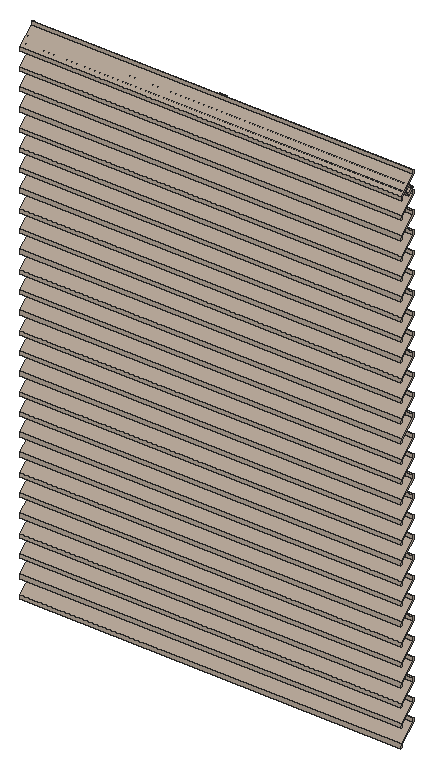
Revit family "Palmshield-Aria-Louver-Panel", category Specialty Equipment, Revit 2025
Family settings
  Round Connector Dimension = Use Diameter
  Part Type = Normal
  OmniClass Number = 23.55.00.00
  OmniClass Title = Manufactured Structures
  Work Plane-Based = No
  Enable Cutting in Views = No
  Always vertical = No
  Cut with Voids When Loaded = No
  Maintain Annotation Orientation = No
  Shared = No
  Room Calculation Point = No
Parameters (values of type "Assembly")
  Width [instance] = if(Desired Overall Width < C Min Width, C Min Width, if(Desired Overall Width > C Max Width, C Max Width, Desired Overall Width))  # 4' - 0"
  Warranty URL = "https://palmshieldlouvers.com/wp-content/uploads/2020/01/PalmSHIELD-Warranty-NO-SIGN-LINE.pdf"
  Version = "2021 - v1.0a"  # constant formula
  URL = "https://palmshieldlouvers.com/"
  Product Page URL = "https://palmshieldlouvers.com/products/aria-louver/"
  Product Documentation Link = "https://palmshieldlouvers.com/wp-content/uploads/2022/05/PalmSHIELD-Aria-Series-Post-Panel-Gate-Installation-Instructions.pdf"
  Offset From Surface = 0' - 2"  # constant formula
  Model = "Aria"  # constant formula
  Material = Metal - PalmSHIELD - Grey Beige
  Manufacturer Phone Number = "531-329-4406 "  # constant formula
  Manufacturer Email = "mailto: info@palmshieldlouvers.com"
  Manufacturer Address = "12330 Cary Circle, La Vista, NE 68128"  # constant formula
  Manufacturer = "PalmSHIELD"  # constant formula
  Louver Finish = Metal - PalmSHIELD - Grey Beige
  Keynote = "05 10 00"
  Instruction Sheet Link = "https://palmshieldlouvers.com/wp-content/uploads/2022/05/PalmSHIELD-Aria-Series-Post-Panel-Gate-Installation-Instructions.pdf"
  ID [instance] = "Not Assigned"
  Height [instance] = if(Desired Overall Height < C Min Height, C Min Height, if(Desired Overall Height > C Max Height, C Max Height, Desired Overall Height))  # 6' - 0"
  Desired Overall Width [instance] = 4' - 0"
  Desired Overall Height [instance] = 6' - 0"
  Desired Bottom Angle [instance] = 0.00°
  Description = "Aria - Panel Assembly"  # constant formula
  Default Elevation = 0' - 0"
  Copyright = "Copyright ©2024 The American Fence Company and PalmSHIELD. All Rights Reserved."  # constant formula
  Component Vis [instance] = yes
  Component Name [instance] = "Aria"  # constant formula
  C Min Width [instance] = 4' - 0"  # constant formula
  C Min Height [instance] = C Min Width  # 4' - 0"
  C Max Width [instance] = 6' - 0"  # constant formula
  C Max Height [instance] = 8' - 0"  # constant formula
  C Angle [instance] = if(Desired Bottom Angle > 10.00°, 10.00°, if(Desired Bottom Angle < -10.00°, -10.00°, Desired Bottom Angle))  # 0.00°
  Assembly Code = "F1020100"
Reference planes (in)
  plane 1 "Center (Front/Back)": y = 0
  plane 2: z = 0
  plane 3 "Center (Left/Right)": x = 0
  plane 4: z = 72
  plane 5: x = 48
  plane 6: y = 3
  plane 7: y = 1.5
Lines and regions (in)
  reference lines
    curve 1: line (48, 0, 96.95698) -> (48, 0, -11)
    curve 2: line (-20.8931, 0, 72) -> (71.1069, 0, 72)
Dimensions and locks (in)
  "Desired Overall Height": curve 2 to level
  "Desired Overall Width": curve 1 to plane 3 "Center (Left/Right)"
  "Height": plane 4 to level
  "Width": plane 5 to plane 3 "Center (Left/Right)"
  equal spacing: plane 1 "Center (Front/Back)", plane 7, plane 6
  aligned and locked: plane 2 to level
Automatic sketch dimensions
  curve 2 to plane 3 "Center (Left/Right)" = 1' - 8.8931"
  plane 5 to curve 2 = 1' - 11.1069"
  curve 1 to level = 0' - 11"
  plane 4 to curve 1 = 2' - 0.95698"
Nested families (in)
  nested 1: "Screening-Louver-Assembly-Panel-Palmshield-Aria" at (0, -1.125, 0), Desired Overall Height <- "Desired Overall Height", Desired Overall Width <- "Desired Overall Width", ID <- "ID", Height <- "Height", Width <- "Width", Component Vis <- "Component Vis", type "Assembly"
    with Width 4' - 0", Louver Length 4' - 3 3/4", ID "Not Assigned", Height 6' - 0", Desired Overall Width 4' - 0", Desired Overall Height 6' - 0", Component Vis yes, Component Name "Aria - Panel Assembly", C Top Post Length 4' - 0", C Straight Corner Angle 45.00°, C Slope Angle 0.00°, C Side Frame Width 0' - 0 7/8", C Side Adjustment 0' - 0", C Rib Thickness Bottom Offset 0' - 0", C Rib Bottom Side Offset 0' - 0", C Louver Offset 0' - 0 1/8", C Louver Count 27, C Hip 4' - 0", C Frame Offset 0' - 0 3/8", C Desired Bottom Angle 0.00°, C B-Side Post Length 6' - 0", C B-Side Angle 45.00°, C Angle 90.00°, C A-Side Post Length 6' - 0", C A-Side Angle 45.00°
  nested 2: "Nested-Louvers-Palmshield-Aria" at (-1.875, -1.04952, 39.10502) x (0, 1, 0) z (1, 0, 0), type "EXTRUDED ALUMINUM LOUVERS TYP."
    with Material Metal - PalmSHIELD - Grey Beige, Length 4' - 3 3/4", ID "Not Assigned", Component Name "Aria - Aluminum - Louvers"
  nested 3: "Nested-Louvers-Palmshield-Aria" at (-1.875, -1.04952, 41.57452) x (0, 1, 0) z (1, 0, 0), type "EXTRUDED ALUMINUM LOUVERS TYP."
    with Material Metal - PalmSHIELD - Grey Beige, Length 4' - 3 3/4", ID "Not Assigned", Component Name "Aria - Aluminum - Louvers"
  nested 4: "Nested-Louvers-Palmshield-Aria" at (-1.875, -1.04952, 44.04402) x (0, 1, 0) z (1, 0, 0), type "EXTRUDED ALUMINUM LOUVERS TYP."
    with Material Metal - PalmSHIELD - Grey Beige, Length 4' - 3 3/4", ID "Not Assigned", Component Name "Aria - Aluminum - Louvers"
  nested 5: "Nested-Louvers-Palmshield-Aria" at (-1.875, -1.04952, 46.51352) x (0, 1, 0) z (1, 0, 0), type "EXTRUDED ALUMINUM LOUVERS TYP."
    with Material Metal - PalmSHIELD - Grey Beige, Length 4' - 3 3/4", ID "Not Assigned", Component Name "Aria - Aluminum - Louvers"
  nested 6: "Nested-Louvers-Palmshield-Aria" at (-1.875, -1.04952, 48.98302) x (0, 1, 0) z (1, 0, 0), type "EXTRUDED ALUMINUM LOUVERS TYP."
    with Material Metal - PalmSHIELD - Grey Beige, Length 4' - 3 3/4", ID "Not Assigned", Component Name "Aria - Aluminum - Louvers"
  nested 7: "Nested-Louvers-Palmshield-Aria" at (-1.875, -1.04952, 51.45252) x (0, 1, 0) z (1, 0, 0), type "EXTRUDED ALUMINUM LOUVERS TYP."
    with Material Metal - PalmSHIELD - Grey Beige, Length 4' - 3 3/4", ID "Not Assigned", Component Name "Aria - Aluminum - Louvers"
  nested 8: "Nested-Louvers-Palmshield-Aria" at (-1.875, -1.04952, 53.92203) x (0, 1, 0) z (1, 0, 0), type "EXTRUDED ALUMINUM LOUVERS TYP."
    with Material Metal - PalmSHIELD - Grey Beige, Length 4' - 3 3/4", ID "Not Assigned", Component Name "Aria - Aluminum - Louvers"
  nested 9: "Nested-Louvers-Palmshield-Aria" at (-1.875, -1.04952, 56.39153) x (0, 1, 0) z (1, 0, 0), type "EXTRUDED ALUMINUM LOUVERS TYP."
    with Material Metal - PalmSHIELD - Grey Beige, Length 4' - 3 3/4", ID "Not Assigned", Component Name "Aria - Aluminum - Louvers"
  nested 10: "Nested-Louvers-Palmshield-Aria" at (-1.875, -1.04952, 58.86103) x (0, 1, 0) z (1, 0, 0), type "EXTRUDED ALUMINUM LOUVERS TYP."
    with Material Metal - PalmSHIELD - Grey Beige, Length 4' - 3 3/4", ID "Not Assigned", Component Name "Aria - Aluminum - Louvers"
  nested 11: "Nested-Louvers-Palmshield-Aria" at (-1.875, -1.04952, 61.33053) x (0, 1, 0) z (1, 0, 0), type "EXTRUDED ALUMINUM LOUVERS TYP."
    with Material Metal - PalmSHIELD - Grey Beige, Length 4' - 3 3/4", ID "Not Assigned", Component Name "Aria - Aluminum - Louvers"
  nested 12: "Nested-Louvers-Palmshield-Aria" at (-1.875, -1.04952, 63.80003) x (0, 1, 0) z (1, 0, 0), type "EXTRUDED ALUMINUM LOUVERS TYP."
    with Material Metal - PalmSHIELD - Grey Beige, Length 4' - 3 3/4", ID "Not Assigned", Component Name "Aria - Aluminum - Louvers"
  nested 13: "Nested-Louvers-Palmshield-Aria" at (-1.875, -1.04952, 2.0625) x (0, 1, 0) z (1, 0, 0), type "EXTRUDED ALUMINUM LOUVERS TYP."
    with Material Metal - PalmSHIELD - Grey Beige, Length 4' - 3 3/4", ID "Not Assigned", Component Name "Aria - Aluminum - Louvers"
  nested 14: "Nested-Louvers-Palmshield-Aria" at (-1.875, -1.04952, 66.26953) x (0, 1, 0) z (1, 0, 0), type "EXTRUDED ALUMINUM LOUVERS TYP."
    with Material Metal - PalmSHIELD - Grey Beige, Length 4' - 3 3/4", ID "Not Assigned", Component Name "Aria - Aluminum - Louvers"
  nested 15: "Nested-Louvers-Palmshield-Aria" at (-1.875, -1.04952, 4.532) x (0, 1, 0) z (1, 0, 0), type "EXTRUDED ALUMINUM LOUVERS TYP."
    with Material Metal - PalmSHIELD - Grey Beige, Length 4' - 3 3/4", ID "Not Assigned", Component Name "Aria - Aluminum - Louvers"
  nested 16: "Nested-Louvers-Palmshield-Aria" at (-1.875, -1.04952, 7.0015) x (0, 1, 0) z (1, 0, 0), type "EXTRUDED ALUMINUM LOUVERS TYP."
    with Material Metal - PalmSHIELD - Grey Beige, Length 4' - 3 3/4", ID "Not Assigned", Component Name "Aria - Aluminum - Louvers"
  nested 17: "Nested-Louvers-Palmshield-Aria" at (-1.875, -1.04952, 9.471) x (0, 1, 0) z (1, 0, 0), type "EXTRUDED ALUMINUM LOUVERS TYP."
    with Material Metal - PalmSHIELD - Grey Beige, Length 4' - 3 3/4", ID "Not Assigned", Component Name "Aria - Aluminum - Louvers"
  nested 18: "Nested-Louvers-Palmshield-Aria" at (-1.875, -1.04952, 11.9405) x (0, 1, 0) z (1, 0, 0), type "EXTRUDED ALUMINUM LOUVERS TYP."
    with Material Metal - PalmSHIELD - Grey Beige, Length 4' - 3 3/4", ID "Not Assigned", Component Name "Aria - Aluminum - Louvers"
  nested 19: "Nested-Louvers-Palmshield-Aria" at (-1.875, -1.04952, 14.41001) x (0, 1, 0) z (1, 0, 0), type "EXTRUDED ALUMINUM LOUVERS TYP."
    with Material Metal - PalmSHIELD - Grey Beige, Length 4' - 3 3/4", ID "Not Assigned", Component Name "Aria - Aluminum - Louvers"
  nested 20: "Nested-Louvers-Palmshield-Aria" at (-1.875, -1.04952, 16.87951) x (0, 1, 0) z (1, 0, 0), type "EXTRUDED ALUMINUM LOUVERS TYP."
    with Material Metal - PalmSHIELD - Grey Beige, Length 4' - 3 3/4", ID "Not Assigned", Component Name "Aria - Aluminum - Louvers"
  nested 21: "Nested-Louvers-Palmshield-Aria" at (-1.875, -1.04952, 19.34901) x (0, 1, 0) z (1, 0, 0), type "EXTRUDED ALUMINUM LOUVERS TYP."
    with Material Metal - PalmSHIELD - Grey Beige, Length 4' - 3 3/4", ID "Not Assigned", Component Name "Aria - Aluminum - Louvers"
  nested 22: "Nested-Louvers-Palmshield-Aria" at (-1.875, -1.04952, 21.81851) x (0, 1, 0) z (1, 0, 0), type "EXTRUDED ALUMINUM LOUVERS TYP."
    with Material Metal - PalmSHIELD - Grey Beige, Length 4' - 3 3/4", ID "Not Assigned", Component Name "Aria - Aluminum - Louvers"
  nested 23: "Nested-Louvers-Palmshield-Aria" at (-1.875, -1.04952, 24.28801) x (0, 1, 0) z (1, 0, 0), type "EXTRUDED ALUMINUM LOUVERS TYP."
    with Material Metal - PalmSHIELD - Grey Beige, Length 4' - 3 3/4", ID "Not Assigned", Component Name "Aria - Aluminum - Louvers"
  nested 24: "Nested-Louvers-Palmshield-Aria" at (-1.875, -1.04952, 26.75751) x (0, 1, 0) z (1, 0, 0), type "EXTRUDED ALUMINUM LOUVERS TYP."
    with Material Metal - PalmSHIELD - Grey Beige, Length 4' - 3 3/4", ID "Not Assigned", Component Name "Aria - Aluminum - Louvers"
  nested 25: "Nested-Louvers-Palmshield-Aria" at (-1.875, -1.04952, 29.22701) x (0, 1, 0) z (1, 0, 0), type "EXTRUDED ALUMINUM LOUVERS TYP."
    with Material Metal - PalmSHIELD - Grey Beige, Length 4' - 3 3/4", ID "Not Assigned", Component Name "Aria - Aluminum - Louvers"
  nested 26: "Nested-Louvers-Palmshield-Aria" at (-1.875, -1.04952, 31.69651) x (0, 1, 0) z (1, 0, 0), type "EXTRUDED ALUMINUM LOUVERS TYP."
    with Material Metal - PalmSHIELD - Grey Beige, Length 4' - 3 3/4", ID "Not Assigned", Component Name "Aria - Aluminum - Louvers"
  nested 27: "Nested-Louvers-Palmshield-Aria" at (-1.875, -1.04952, 34.16602) x (0, 1, 0) z (1, 0, 0), type "EXTRUDED ALUMINUM LOUVERS TYP."
    with Material Metal - PalmSHIELD - Grey Beige, Length 4' - 3 3/4", ID "Not Assigned", Component Name "Aria - Aluminum - Louvers"
  nested 28: "Nested-Louvers-Palmshield-Aria" at (-1.875, -1.04952, 36.63552) x (0, 1, 0) z (1, 0, 0), type "EXTRUDED ALUMINUM LOUVERS TYP."
    with Material Metal - PalmSHIELD - Grey Beige, Length 4' - 3 3/4", ID "Not Assigned", Component Name "Aria - Aluminum - Louvers"
  nested 29: "Nested-Rib-Palmshield-Aria" at (24, 1, 4.33402), type "1/8"X1" AL FB RIBS"
    with Material Metal - PalmSHIELD - Grey Beige, Length 5' - 7.16598", ID "Not Assigned", Component Name "Aria - Aluminum - FB Ribs"
  nested 30: "Nested-Stiffener-Palmshield-Aria" at (-1.875, 0.18566, 68.7412) x (0, 1, 0) z (1, 0, 0), type "SQUARE STIFFENER 1" X 1/8""
    with Material Metal - PalmSHIELD - Grey Beige, Length 4' - 3 3/4", ID "", Component Name "Aria - Aluminum - Square Stiffener"
  nested 31: "Nested-Louvers-Palmshield-Aria" at (-1.875, -1, 68.627) x (0, 0.9994, 0.0349) z (1, 0, 0), type "EXTRUDED ALUMINUM LOUVERS TYP."
    with Material Metal - PalmSHIELD - Grey Beige, Length 4' - 3 3/4", ID "Not Assigned", Component Name "Aria - Aluminum - Louvers"
Definition of nested family "Nested-Louvers-Palmshield-Aria"
  Parameters (values of type "EXTRUDED ALUMINUM LOUVERS TYP.")
    Width = 0' - 2 7/8"  # constant formula
    Warranty URL = "https://palmshieldlouvers.com/wp-content/uploads/2020/01/PalmSHIELD-Warranty-NO-SIGN-LINE.pdf"
    Version = "2021 - v1.0a"  # constant formula
    URL = "https://palmshieldlouvers.com/"
    Thickness = 0' - 0 1/8"  # constant formula
    Product Page URL = "https://palmshieldlouvers.com/products/aria-louver/"
    Product Documentation Link = "https://palmshieldlouvers.com/wp-content/uploads/2022/05/PalmSHIELD-Aria-Series-Post-Panel-Gate-Installation-Instructions.pdf"
    Model = "Aria"  # constant formula
    Material [instance] = none
    Manufacturer Phone Number = "531-329-4406 "  # constant formula
    Manufacturer Fax Number = "Consult Manufacturer Website for More Information"  # constant formula
    Manufacturer Email = "mailto: info@palmshieldlouvers.com"
    Manufacturer Address = "12330 Cary Circle, La Vista, NE 68128"  # constant formula
    Manufacturer = "PalmSHIELD"  # constant formula
    Length [instance] = 4' - 4.86713"
    Keynote = "05 10 00"
    Instruction Sheet Link = "https://palmshieldlouvers.com/wp-content/uploads/2022/05/PalmSHIELD-Aria-Series-Post-Panel-Gate-Installation-Instructions.pdf"
    ID [instance] = ""
    Description = "Aria - Louvers"  # constant formula
    Default Elevation = 4' - 0"
    Copyright = "Copyright ©2024 The American Fence Company and PalmSHIELD. All Rights Reserved."  # constant formula
    Component Name [instance] = "Aria - Aluminum - Louvers"  # constant formula
    C Hole Offset = 0' - 1 1/2"  # constant formula
    Assembly Code = "F1020100"
  Reference planes (in)
    plane 1 "Center (Front/Back)": y = 0
    plane 2: z = 0
    plane 3 "Center (Left/Right)": x = 0
    plane 4: z = 52.86713
    plane 5: y = 2.80145
  Forms (in)
    Extrusion 1, solid
      sketch origin (0, 0, 0) x (1, 0, 0) y (0, 1, 0)
        loop
          line (-48, 48) -> (-48, -48) -> (48, -48) -> (48, 48) -> (-48, 48)
      from 0 to -12
    Sweep 2, solid, material <- "Material"
      path origin (0, 0, 0) x (0, 1, 0) y (0, 0, 1)
        loop
          line (0, 0) -> (0, 52.86713)
      profile "Profile-Palmshield-Louver : LOUVERS TYP. - 6063-T6" origin (0, 0, 26.43357) x (0, -1, 0) y (1, 0, 0)
        loop
          line (-2.32763, 1.95743) -> (-0.51921, 0.01813) -> (0, 0) -> (0.00436, 0.12492) -> (-0.4631, 0.14125) -> (-2.27152, 2.08054) -> (-2.80145, 2.09905) -> (-2.80581, 1.97412) -> (-2.32763, 1.95743)
  Dimensions and locks (in)
    "Length": plane 4 to plane 2
    locked: plane 1 "Center (Front/Back)" to plane 5 at 2.80145
    aligned and locked: plane 2 to Extrusion 1
    aligned and locked: level to Extrusion 1
    aligned and locked: plane 1 "Center (Front/Back)" to Sweep 2 sketch curve
    aligned and locked: plane 4 to Sweep 2 sketch curve
  Automatic sketch dimensions
    Extrusion 1 sketch curve to Extrusion 1 sketch curve = 8' - 0"  (x2)
    Sweep 2 sketch curve to level = 0' - 0"
Definition of nested family "Nested-Rib-Palmshield-Aria"
  Parameters (values of type "1/8"X1" AL FB RIBS")
    Width = 0' - 1"  # constant formula
    Warranty URL = "https://palmshieldlouvers.com/wp-content/uploads/2020/01/PalmSHIELD-Warranty-NO-SIGN-LINE.pdf"
    Version = "2021 - v1.0a"  # constant formula
    URL = "https://palmshieldlouvers.com/"
    Thickness = 0' - 0 1/8"  # constant formula
    Product Page URL = "https://palmshieldlouvers.com/products/aria-louver/"
    Product Documentation Link = "https://palmshieldlouvers.com/wp-content/uploads/2022/05/PalmSHIELD-Aria-Series-Post-Panel-Gate-Installation-Instructions.pdf"
    Model = "Aria"  # constant formula
    Material [instance] = none
    Manufacturer Phone Number = "531-329-4406 "  # constant formula
    Manufacturer Fax Number = "Consult Manufacturer Website for More Information"  # constant formula
    Manufacturer Email = "mailto: info@palmshieldlouvers.com"
    Manufacturer Address = "12330 Cary Circle, La Vista, NE 68128"  # constant formula
    Manufacturer = "PalmSHIELD"  # constant formula
    Length [instance] = 4' - 4.86713"
    Keynote = "05 10 00"
    Instruction Sheet Link = "https://palmshieldlouvers.com/wp-content/uploads/2022/05/PalmSHIELD-Aria-Series-Post-Panel-Gate-Installation-Instructions.pdf"
    ID [instance] = ""
    Description = "Aria - Rib"  # constant formula
    Default Elevation = 4' - 0"
    Copyright = "Copyright ©2024 The American Fence Company and PalmSHIELD. All Rights Reserved."  # constant formula
    Component Name [instance] = "Aria - Aluminum - FB Ribs"  # constant formula
    Assembly Code = "F1020100"
  Reference planes (in)
    plane 1 "Center (Front/Back)": y = 0
    plane 2: z = 0
    plane 3 "Center (Left/Right)": x = 0
    plane 4: z = 52.86713
    plane 5: x = 0.5
    plane 6: x = -0.5
  Forms (in)
    Extrusion 1, solid
      sketch origin (0, 0, 0) x (1, 0, 0) y (0, 1, 0)
        loop
          line (-48, 48) -> (-48, -48) -> (48, -48) -> (48, 48) -> (-48, 48)
      from 0 to -12
    Sweep 2, solid, material <- "Material"
      path origin (0, 0, 0) x (0, 1, 0) y (0, 0, 1)
        loop
          line (0, 0) -> (0, 52.86713)
      profile "Profile-Palmshield-Rib : AL FB 1/8" X 1"" origin (0, 0, 26.43357) x (0, -1, 0) y (1, 0, 0)
        loop
          line (-0.125, -0.5) -> (0, -0.5) -> (0, 0.5) -> (-0.125, 0.5) -> (-0.125, -0.5)
  Dimensions and locks (in)
    "Length": plane 4 to plane 2
    equal spacing: plane 5, plane 3 "Center (Left/Right)", plane 6
    "Width": plane 5 to plane 6
    aligned and locked: plane 2 to Extrusion 1
    aligned and locked: level to Extrusion 1
    aligned and locked: plane 1 "Center (Front/Back)" to Sweep 2 sketch curve
    aligned and locked: plane 4 to Sweep 2 sketch curve
  Automatic sketch dimensions
    Extrusion 1 sketch curve to Extrusion 1 sketch curve = 8' - 0"  (x2)
    Sweep 2 sketch curve to level = 0' - 0"
Definition of nested family "Nested-Stiffener-Palmshield-Aria"
  Parameters (values of type "SQUARE STIFFENER 1" X 1/8"")
    Width = 0' - 1"  # constant formula
    Warranty URL = "https://palmshieldlouvers.com/wp-content/uploads/2020/01/PalmSHIELD-Warranty-NO-SIGN-LINE.pdf"
    Version = "2021 - v1.0a"  # constant formula
    URL = "https://palmshieldlouvers.com/"
    Thickness = 0' - 0 1/8"  # constant formula
    Product Page URL = "https://palmshieldlouvers.com/products/aria-louver/"
    Product Documentation Link = "https://palmshieldlouvers.com/wp-content/uploads/2022/05/PalmSHIELD-Aria-Series-Post-Panel-Gate-Installation-Instructions.pdf"
    Model = "Aria"  # constant formula
    Material [instance] = none
    Manufacturer Phone Number = "531-329-4406 "  # constant formula
    Manufacturer Fax Number = "Consult Manufacturer Website for More Information"  # constant formula
    Manufacturer Email = "mailto: info@palmshieldlouvers.com"
    Manufacturer Address = "12330 Cary Circle, La Vista, NE 68128"  # constant formula
    Manufacturer = "PalmSHIELD"  # constant formula
    Length [instance] = 4' - 4.86713"
    Keynote = "05 10 00"
    Instruction Sheet Link = "https://palmshieldlouvers.com/wp-content/uploads/2022/05/PalmSHIELD-Aria-Series-Post-Panel-Gate-Installation-Instructions.pdf"
    ID [instance] = ""
    Description = "Aria - Square Stiffener"  # constant formula
    Default Elevation = 4' - 0"
    Copyright = "Copyright ©2024 The American Fence Company and PalmSHIELD. All Rights Reserved."  # constant formula
    Component Name [instance] = "Aria - Aluminum - Square Stiffener"  # constant formula
    C Hole Offset = 0' - 1 1/2"  # constant formula
    Assembly Code = "F1020100"
  Reference planes (in)
    plane 1 "Center (Front/Back)": y = 0
    plane 2: z = 0
    plane 3 "Center (Left/Right)": x = 0
    plane 4: z = 52.86713
  Forms (in)
    Extrusion 1, solid
      sketch origin (0, 0, 0) x (1, 0, 0) y (0, 1, 0)
        loop
          line (-48, 48) -> (-48, -48) -> (48, -48) -> (48, 48) -> (-48, 48)
      from 0 to -12
    Sweep 2, solid, material <- "Material"
      path origin (0, 0, 0) x (0, 1, 0) y (0, 0, 1)
        loop
          line (0, 0) -> (0, 52.86713)
      profile origin (0, 0, 26.43357) x (0, -1, 0) y (1, 0, 0)
        loop
          line (-0.70711, -0.70711) -> (0, 0) -> (-0.70711, 0.70711) -> (-1.41421, 0) -> (-0.70711, -0.70711)
        loop
          line (-1.23744, 0) -> (-0.70711, -0.53033) -> (-0.17678, 0) -> (-0.70711, 0.53033) -> (-1.23744, 0)
  Dimensions and locks (in)
    "Length": plane 4 to plane 2
    aligned and locked: plane 2 to Extrusion 1
    aligned and locked: level to Extrusion 1
    aligned and locked: plane 1 "Center (Front/Back)" to Sweep 2 sketch curve
    aligned and locked: plane 4 to Sweep 2 sketch curve
  Automatic sketch dimensions
    Extrusion 1 sketch curve to Extrusion 1 sketch curve = 8' - 0"  (x2)
    Sweep 2 sketch curve to level = 0' - 0"
    profile plane to Sweep 2 sketch curve = 0' - 1.41421"
    Sweep 2 sketch curve to plane 3 "Center (Left/Right)" = 0' - 0"
    Sweep 2 sketch curve to Sweep 2 sketch curve = 0' - 0.70711"  (x2)
    Sweep 2 sketch curve to Sweep 2 sketch curve = 0' - 0"  (x2)
    Sweep 2 sketch curve to Sweep 2 sketch curve = 0' - 0.17678"  (x2)
    Sweep 2 sketch curve to Sweep 2 sketch curve = 0' - 0.53033"  (x2)
Definition of nested family "Screening-Louver-Assembly-Panel-Palmshield-Aria"
  Parameters (values of type "Default")
    Width [instance] = if(Desired Overall Width < 4' 0", 4' 0", if(Desired Overall Width > 6' 0", 6' 0", Desired Overall Width))  # 4' - 0"
    Warranty URL = "https://palmshieldlouvers.com/wp-content/uploads/2020/01/PalmSHIELD-Warranty-NO-SIGN-LINE.pdf"
    Version = "2020 - v1.0a"  # constant formula
    URL = "https://palmshieldlouvers.com/"
    Offset From Surface = 0' - 3 1/2"  # constant formula
    Material = none
    Louver Separation = 0' - 2 3/8"  # constant formula
    Product Page URL = "https://palmshieldlouvers.com/products/aria-louver/"
    Product Documentation Link = "https://palmshieldlouvers.com/wp-content/uploads/2022/05/PalmSHIELD-Aria-Series-Post-Panel-Gate-Installation-Instructions.pdf"
    Model = "Aria - Post Assembly"  # constant formula
    Manufacturer Phone Number = "531-329-4406 "  # constant formula
    Manufacturer Fax Number = "Consult Manufacturer Website for More Information"  # constant formula
    Manufacturer Email = "mailto: info@palmshieldlouvers.com"
    Manufacturer Address = "12330 Cary Circle, La Vista, NE 68128"  # constant formula
    Manufacturer = "PalmSHIELD"  # constant formula
    Louver Length [instance] = Width + 2 * C Frame Overlap  # 4' - 3 3/4"
    Keynote = "05 10 00"
    Instruction Sheet Link = "https://palmshieldlouvers.com/wp-content/uploads/2022/05/PalmSHIELD-Aria-Series-Post-Panel-Gate-Installation-Instructions.pdf"
    ID [instance] = "Not Assgined"
    Height [instance] = if(Desired Overall Height < 3' 0", 3' 0", if(Desired Overall Height > 8' 0", 8' 0", Desired Overall Height))  # 6' - 0"
    Component Vis [instance] = yes
    C Frame Width = 0' - 3"  # constant formula
    C Frame Thickness = 0' - 0 1/8"  # constant formula
    Desired Overall Width [instance] = 4' - 0"
    Desired Overall Height [instance] = 6' - 0"
    Description = "Aria - Panel Assembly"  # constant formula
    Default Elevation = 4' - 0"
    Copyright = "Copyright ©2024 The American Fence Company and PalmSHIELD. All Rights Reserved."  # constant formula
    Component Name [instance] = "Aria - Panel Assembly"  # constant formula
    C Top Post Length [instance] = Width  # 4' - 0"
    C Top Offset = 0' - 5 187/256"  # constant formula
    C Straight Corner Angle [instance] = 45.00°  # constant formula
    C Slope Angle [instance] = if(C Desired Bottom Angle < -25.00°, 25.00°, if(C Desired Bottom Angle > 25.00°, 25.00°, C Desired Bottom Angle))  # 0.00°
    C Side Frame Width [instance] = 0' - 0 7/8"  # constant formula
    C Rib Thickness Bottom Offset [instance] = 0' - 0"  # constant formula
    C Rib Bottom Side Offset [instance] = if(C Slope Angle < 0.00°, -C Frame Thickness * sin(C Slope Angle), C Frame Thickness * sin(C Slope Angle))  # 0' - 0"
    C Louver Overlap = 0' - 0 1/2"  # constant formula
    C Louver Offset [instance] = 0' - 0 1/8"  # constant formula
    C Louver Count [instance] = (Height - C Top Offset - C Bottom Offset) / Louver Separation  # 27
    C Hip [instance] = Width / cos(C Slope Angle)  # 4' - 0"
    C Side Adjustment [instance] = -C Hip * sin(C Slope Angle)  # 0' - 0"
    C Frame Overlap = 0' - 1 7/8"  # constant formula
    C Frame Offset [instance] = C Side Frame Width - 0' 0 1/2"  # 0' - 0 3/8"
    C Bottom Offset = 0' - 2 1/16"  # constant formula
    C B-Side Post Length [instance] = Height + C Side Adjustment  # 6' - 0"
    C B-Side Angle [instance] = (90.00° - C Slope Angle) / 2  # 45.00°
    C Angle [instance] = if(C Slope Angle < -25.00°, 90.00° - 25.00°, if(C Slope Angle > 25.00°, 90.00° + 25.00°, 90.00° - C Slope Angle))  # 90.00°
    C Desired Bottom Angle [instance] = 0.00°  # constant formula
    C A-Side Post Length [instance] = Height  # 6' - 0"
    C A-Side Angle [instance] = (90.00° + C Slope Angle) / 2  # 45.00°
    Assembly Code = "F1020100"
  Reference planes (in)
    plane 1: y = 0
    plane 2: z = 0
    plane 3 "Side A": x = 0
    plane 4 "Top": z = 72
    plane 5 "Side B": x = 48
    plane 6: y = 2.25
    plane 7: z = 72
    plane 8: x = 0
    plane 9: x = -1.875
    plane 10 "Center (Front/Back)": y = 1.125
    plane 11: x = 24
    plane 12: z = 2.0625
    plane 13: z = 68.627
    plane 14: z = 66.26953
    plane 15: z = 71.5
    plane 16: z = 4.33402
  Forms (in)
    Extrusion 1, solid
      sketch origin (0, 0, 0) x (1, 0, 0) y (0, 1, 0)
        loop
          line (-48, 48) -> (-48, -48) -> (48, -48) -> (48, 48) -> (-48, 48)
      from 0 to -12
  Lines and regions (in)
    reference lines
      curve 1: line (0, 0, 3.50116) -> (84, 0, 3.50116)
      curve 2: line (15.625, 0, 3.50116) -> (26.375, 0, 3.50116)
      curve 3: line (31.625, 0, 3.50116) -> (41.625, 0, 3.50116)
      curve 4: line (-25.16346, 0, 72) -> (91.1024, 0, 72)
      curve 5: line (48, 0, 3.50116) -> (53.25, 0, 3.50116)
      curve 7: line (48, 0, 91.91427) -> (48, 0, -22.08573)
    model lines, visible <- "Component Vis"
      curve 6: line (-1.875, 2.15602, 4.33402) -> (-1.875, 2.15602, 4.54692)
  Dimensions and locks (in)
    "Width": plane 5 "Side B" to plane 3 "Side A"
    plane 3 "Side A" to plane 5 "Side B" = 4' - 0"
    plane 4 "Top" to plane 7 = 0' - 0"
    "C Rib Bottom Side Offset": plane 3 "Side A" to plane 8
    equal spacing: plane 1, plane 10 "Center (Front/Back)", plane 6
    equal spacing: plane 3 "Side A", plane 11, plane 5 "Side B"
    "C Frame Overlap": plane 3 "Side A" to plane 9
    "C Bottom Offset": plane 12 to plane 2
    "C Top Offset": plane 7 to plane 14
    locked: plane 7 to plane 13 at 3.373
    equal spacing: group 1, group 3, group 4, group 5, group 6, group 7, group 8, group 9, group 10, group 11, group 12, group 13, group 14, group 15, group 16, group 17, group 18, group 19, group 20, group 21, group 22, group 23, group 24, group 25, group 26, group 27, group 2  (x2)
    equal spacing: group 2, group 27, group 26, group 25, group 24, group 23, group 22, group 21, group 20, group 19, group 18, group 17, group 16, group 15, group 14, group 13, group 12, group 11, group 10, group 9, group 8, group 7, group 6, group 5, group 4, group 3, group 1
    locked: nested 12 to plane 15 at 2.7588
    locked: plane 7 to plane 15 at 0.5
    locked: plane 16 to plane 2 at 4.33402
    "Desired Overall Width": curve 7 to plane 3 "Side A"
    "Desired Overall Height": curve 4 to plane 2
    "Height": plane 4 "Top" to plane 2
    "C Angle": angle curve 1 to plane 3 "Side A"
    locked: curve 5 to plane 5 "Side B" (angle 90.00°)
    aligned and locked: plane 2 to Extrusion 1
    aligned and locked: level to Extrusion 1
    aligned and locked: plane 3 "Side A" to curve 1
    aligned and locked: plane 11 to nested 1
    aligned and locked: plane 12 to nested 3
    aligned and locked: nested 13 to plane 15
    aligned and locked: nested 1 to plane 15
    aligned and locked: plane 14 to nested 2
  Automatic sketch dimensions
    Extrusion 1 sketch curve to Extrusion 1 sketch curve = 8' - 0"  (x2)
    plane 16 to curve 6 = 0' - 0"
    plane 6 to curve 6 = 0' - 0.09398"
    curve 6 to plane 16 = 0' - 0.21289"
    curve 5 to plane 5 "Side B" = 0' - 0"
    curve 4 to plane 9 = 1' - 11.28846"
    plane 16 to curve 2 = 0' - 0.83286"
    curve 2 to plane 11 = 0' - 8 3/8"
    plane 11 to curve 2 = 0' - 2 3/8"
    plane 16 to curve 3 = 0' - 0.83286"
    curve 2 to curve 3 = 0' - 5 1/4"
    curve 3 to curve 5 = 0' - 6 3/8"
    plane 5 "Side B" to curve 4 = 3' - 7.1024"
    plane 16 to curve 5 = 0' - 0.83286"
    curve 7 to level = 1' - 10.08573"
    plane 4 "Top" to curve 7 = 1' - 7.91427"
  Nested families (in)
    nested 1: "Nested-Rib-Palmshield-Aria" at (24, 2.125, 4.33402), ID <- "ID", Material <- "Material", visible <- "Component Vis", type "1/8"X1" AL FB RIBS"
      with Material none, Length 5' - 7.16598", ID "Not Assgined", Component Name "Aria - Aluminum - FB Ribs"
    nested 2: "Nested-Louvers-Palmshield-Aria" at (-1.875, 0.07548, 66.26953) x (0, 1, 0) z (1, 0, 0), Length <- "Louver Length", ID <- "ID", Material <- "Material", visible <- "Component Vis", type "EXTRUDED ALUMINUM LOUVERS TYP."
      with Material none, Length 4' - 3 3/4", ID "Not Assgined", Component Name "Aria - Aluminum - Louvers"
    nested 3: "Nested-Louvers-Palmshield-Aria" at (-1.875, 0.07548, 2.0625) x (0, 1, 0) z (1, 0, 0), Length <- "Louver Length", ID <- "ID", Material <- "Material", visible <- "Component Vis", type "EXTRUDED ALUMINUM LOUVERS TYP."
      with Material none, Length 4' - 3 3/4", ID "Not Assgined", Component Name "Aria - Aluminum - Louvers"
    nested 4: "Nested-Louvers-Palmshield-Aria" at (-1.875, 0.07548, 63.80003) x (0, 1, 0) z (1, 0, 0), Length <- "Louver Length", ID <- "ID", Material <- "Material", visible <- "Component Vis", type "EXTRUDED ALUMINUM LOUVERS TYP."
      with Material none, Length 4' - 3 3/4", ID "Not Assgined", Component Name "Aria - Aluminum - Louvers"
    nested 5: "Nested-Louvers-Palmshield-Aria" at (-1.875, 0.07548, 61.33053) x (0, 1, 0) z (1, 0, 0), Length <- "Louver Length", ID <- "ID", Material <- "Material", visible <- "Component Vis", type "EXTRUDED ALUMINUM LOUVERS TYP."
      with Material none, Length 4' - 3 3/4", ID "Not Assgined", Component Name "Aria - Aluminum - Louvers"
    nested 6: "Nested-Louvers-Palmshield-Aria" at (-1.875, 0.07548, 58.86103) x (0, 1, 0) z (1, 0, 0), Length <- "Louver Length", ID <- "ID", Material <- "Material", visible <- "Component Vis", type "EXTRUDED ALUMINUM LOUVERS TYP."
      with Material none, Length 4' - 3 3/4", ID "Not Assgined", Component Name "Aria - Aluminum - Louvers"
    nested 7: "Nested-Louvers-Palmshield-Aria" at (-1.875, 0.07548, 56.39153) x (0, 1, 0) z (1, 0, 0), Length <- "Louver Length", ID <- "ID", Material <- "Material", visible <- "Component Vis", type "EXTRUDED ALUMINUM LOUVERS TYP."
      with Material none, Length 4' - 3 3/4", ID "Not Assgined", Component Name "Aria - Aluminum - Louvers"
    nested 8: "Nested-Louvers-Palmshield-Aria" at (-1.875, 0.07548, 53.92203) x (0, 1, 0) z (1, 0, 0), Length <- "Louver Length", ID <- "ID", Material <- "Material", visible <- "Component Vis", type "EXTRUDED ALUMINUM LOUVERS TYP."
      with Material none, Length 4' - 3 3/4", ID "Not Assgined", Component Name "Aria - Aluminum - Louvers"
    nested 9: "Nested-Louvers-Palmshield-Aria" at (-1.875, 0.07548, 51.45252) x (0, 1, 0) z (1, 0, 0), Length <- "Louver Length", ID <- "ID", Material <- "Material", visible <- "Component Vis", type "EXTRUDED ALUMINUM LOUVERS TYP."
      with Material none, Length 4' - 3 3/4", ID "Not Assgined", Component Name "Aria - Aluminum - Louvers"
    nested 10: "Nested-Louvers-Palmshield-Aria" at (-1.875, 0.07548, 48.98302) x (0, 1, 0) z (1, 0, 0), Length <- "Louver Length", ID <- "ID", Material <- "Material", visible <- "Component Vis", type "EXTRUDED ALUMINUM LOUVERS TYP."
      with Material none, Length 4' - 3 3/4", ID "Not Assgined", Component Name "Aria - Aluminum - Louvers"
    nested 11: "Nested-Louvers-Palmshield-Aria" at (-1.875, 0.07548, 46.51352) x (0, 1, 0) z (1, 0, 0), Length <- "Louver Length", ID <- "ID", Material <- "Material", visible <- "Component Vis", type "EXTRUDED ALUMINUM LOUVERS TYP."
      with Material none, Length 4' - 3 3/4", ID "Not Assgined", Component Name "Aria - Aluminum - Louvers"
    nested 12: "Nested-Stiffener-Palmshield-Aria" at (-1.875, 1.31066, 68.7412) x (0, 1, 0) z (1, 0, 0), Length <- "Louver Length", Material <- "Material", visible <- "Component Vis", type "SQUARE STIFFENER 1" X 1/8""
      with Material none, Length 4' - 3 3/4", ID "", Component Name "Aria - Aluminum - Square Stiffener"
    nested 13: "Nested-Louvers-Palmshield-Aria" at (-1.875, 0.125, 68.627) x (0, 0.9994, 0.0349) z (1, 0, 0), Length <- "Louver Length", ID <- "ID", Material <- "Material", visible <- "Component Vis", type "EXTRUDED ALUMINUM LOUVERS TYP."
      with Material none, Length 4' - 3 3/4", ID "Not Assgined", Component Name "Aria - Aluminum - Louvers"
    nested 14: "Nested-Louvers-Palmshield-Aria" at (-1.875, 0.07548, 44.04402) x (0, 1, 0) z (1, 0, 0), Length <- "Louver Length", ID <- "ID", Material <- "Material", visible <- "Component Vis", type "EXTRUDED ALUMINUM LOUVERS TYP."
      with Material none, Length 4' - 3 3/4", ID "Not Assgined", Component Name "Aria - Aluminum - Louvers"
    nested 15: "Nested-Louvers-Palmshield-Aria" at (-1.875, 0.07548, 41.57452) x (0, 1, 0) z (1, 0, 0), Length <- "Louver Length", ID <- "ID", Material <- "Material", visible <- "Component Vis", type "EXTRUDED ALUMINUM LOUVERS TYP."
      with Material none, Length 4' - 3 3/4", ID "Not Assgined", Component Name "Aria - Aluminum - Louvers"
    nested 16: "Nested-Louvers-Palmshield-Aria" at (-1.875, 0.07548, 39.10502) x (0, 1, 0) z (1, 0, 0), Length <- "Louver Length", ID <- "ID", Material <- "Material", visible <- "Component Vis", type "EXTRUDED ALUMINUM LOUVERS TYP."
      with Material none, Length 4' - 3 3/4", ID "Not Assgined", Component Name "Aria - Aluminum - Louvers"
    nested 17: "Nested-Louvers-Palmshield-Aria" at (-1.875, 0.07548, 36.63552) x (0, 1, 0) z (1, 0, 0), Length <- "Louver Length", ID <- "ID", Material <- "Material", visible <- "Component Vis", type "EXTRUDED ALUMINUM LOUVERS TYP."
      with Material none, Length 4' - 3 3/4", ID "Not Assgined", Component Name "Aria - Aluminum - Louvers"
    nested 18: "Nested-Louvers-Palmshield-Aria" at (-1.875, 0.07548, 34.16602) x (0, 1, 0) z (1, 0, 0), Length <- "Louver Length", ID <- "ID", Material <- "Material", visible <- "Component Vis", type "EXTRUDED ALUMINUM LOUVERS TYP."
      with Material none, Length 4' - 3 3/4", ID "Not Assgined", Component Name "Aria - Aluminum - Louvers"
    nested 19: "Nested-Louvers-Palmshield-Aria" at (-1.875, 0.07548, 31.69651) x (0, 1, 0) z (1, 0, 0), Length <- "Louver Length", ID <- "ID", Material <- "Material", visible <- "Component Vis", type "EXTRUDED ALUMINUM LOUVERS TYP."
      with Material none, Length 4' - 3 3/4", ID "Not Assgined", Component Name "Aria - Aluminum - Louvers"
    nested 20: "Nested-Louvers-Palmshield-Aria" at (-1.875, 0.07548, 29.22701) x (0, 1, 0) z (1, 0, 0), Length <- "Louver Length", ID <- "ID", Material <- "Material", visible <- "Component Vis", type "EXTRUDED ALUMINUM LOUVERS TYP."
      with Material none, Length 4' - 3 3/4", ID "Not Assgined", Component Name "Aria - Aluminum - Louvers"
    nested 21: "Nested-Louvers-Palmshield-Aria" at (-1.875, 0.07548, 26.75751) x (0, 1, 0) z (1, 0, 0), Length <- "Louver Length", ID <- "ID", Material <- "Material", visible <- "Component Vis", type "EXTRUDED ALUMINUM LOUVERS TYP."
      with Material none, Length 4' - 3 3/4", ID "Not Assgined", Component Name "Aria - Aluminum - Louvers"
    nested 22: "Nested-Louvers-Palmshield-Aria" at (-1.875, 0.07548, 24.28801) x (0, 1, 0) z (1, 0, 0), Length <- "Louver Length", ID <- "ID", Material <- "Material", visible <- "Component Vis", type "EXTRUDED ALUMINUM LOUVERS TYP."
      with Material none, Length 4' - 3 3/4", ID "Not Assgined", Component Name "Aria - Aluminum - Louvers"
    nested 23: "Nested-Louvers-Palmshield-Aria" at (-1.875, 0.07548, 21.81851) x (0, 1, 0) z (1, 0, 0), Length <- "Louver Length", ID <- "ID", Material <- "Material", visible <- "Component Vis", type "EXTRUDED ALUMINUM LOUVERS TYP."
      with Material none, Length 4' - 3 3/4", ID "Not Assgined", Component Name "Aria - Aluminum - Louvers"
    nested 24: "Nested-Louvers-Palmshield-Aria" at (-1.875, 0.07548, 19.34901) x (0, 1, 0) z (1, 0, 0), Length <- "Louver Length", ID <- "ID", Material <- "Material", visible <- "Component Vis", type "EXTRUDED ALUMINUM LOUVERS TYP."
      with Material none, Length 4' - 3 3/4", ID "Not Assgined", Component Name "Aria - Aluminum - Louvers"
    nested 25: "Nested-Louvers-Palmshield-Aria" at (-1.875, 0.07548, 16.87951) x (0, 1, 0) z (1, 0, 0), Length <- "Louver Length", ID <- "ID", Material <- "Material", visible <- "Component Vis", type "EXTRUDED ALUMINUM LOUVERS TYP."
      with Material none, Length 4' - 3 3/4", ID "Not Assgined", Component Name "Aria - Aluminum - Louvers"
    nested 26: "Nested-Louvers-Palmshield-Aria" at (-1.875, 0.07548, 14.41001) x (0, 1, 0) z (1, 0, 0), Length <- "Louver Length", ID <- "ID", Material <- "Material", visible <- "Component Vis", type "EXTRUDED ALUMINUM LOUVERS TYP."
      with Material none, Length 4' - 3 3/4", ID "Not Assgined", Component Name "Aria - Aluminum - Louvers"
    nested 27: "Nested-Louvers-Palmshield-Aria" at (-1.875, 0.07548, 11.9405) x (0, 1, 0) z (1, 0, 0), Length <- "Louver Length", ID <- "ID", Material <- "Material", visible <- "Component Vis", type "EXTRUDED ALUMINUM LOUVERS TYP."
      with Material none, Length 4' - 3 3/4", ID "Not Assgined", Component Name "Aria - Aluminum - Louvers"
    nested 28: "Nested-Louvers-Palmshield-Aria" at (-1.875, 0.07548, 9.471) x (0, 1, 0) z (1, 0, 0), Length <- "Louver Length", ID <- "ID", Material <- "Material", visible <- "Component Vis", type "EXTRUDED ALUMINUM LOUVERS TYP."
      with Material none, Length 4' - 3 3/4", ID "Not Assgined", Component Name "Aria - Aluminum - Louvers"
    nested 29: "Nested-Louvers-Palmshield-Aria" at (-1.875, 0.07548, 7.0015) x (0, 1, 0) z (1, 0, 0), Length <- "Louver Length", ID <- "ID", Material <- "Material", visible <- "Component Vis", type "EXTRUDED ALUMINUM LOUVERS TYP."
      with Material none, Length 4' - 3 3/4", ID "Not Assgined", Component Name "Aria - Aluminum - Louvers"
    nested 30: "Nested-Louvers-Palmshield-Aria" at (-1.875, 0.07548, 4.532) x (0, 1, 0) z (1, 0, 0), Length <- "Louver Length", ID <- "ID", Material <- "Material", visible <- "Component Vis", type "EXTRUDED ALUMINUM LOUVERS TYP."
      with Material none, Length 4' - 3 3/4", ID "Not Assgined", Component Name "Aria - Aluminum - Louvers"
  Definition of nested family "Nested-Rib-Palmshield-Aria"
    Parameters (values of type "1/8"X1" AL FB RIBS")
      Width = 0' - 1"  # constant formula
      Warranty URL = "https://palmshieldlouvers.com/wp-content/uploads/2020/01/PalmSHIELD-Warranty-NO-SIGN-LINE.pdf"
      Version = "2021 - v1.0a"  # constant formula
      URL = "https://palmshieldlouvers.com/"
      Thickness = 0' - 0 1/8"  # constant formula
      Product Page URL = "https://palmshieldlouvers.com/products/aria-louver/"
      Product Documentation Link = "https://palmshieldlouvers.com/wp-content/uploads/2022/05/PalmSHIELD-Aria-Series-Post-Panel-Gate-Installation-Instructions.pdf"
      Model = "Aria"  # constant formula
      Material [instance] = none
      Manufacturer Phone Number = "531-329-4406 "  # constant formula
      Manufacturer Fax Number = "Consult Manufacturer Website for More Information"  # constant formula
      Manufacturer Email = "mailto: info@palmshieldlouvers.com"
      Manufacturer Address = "12330 Cary Circle, La Vista, NE 68128"  # constant formula
      Manufacturer = "PalmSHIELD"  # constant formula
      Length [instance] = 4' - 4.86713"
      Keynote = "05 10 00"
      Instruction Sheet Link = "https://palmshieldlouvers.com/wp-content/uploads/2022/05/PalmSHIELD-Aria-Series-Post-Panel-Gate-Installation-Instructions.pdf"
      ID [instance] = ""
      Description = "Aria - Rib"  # constant formula
      Default Elevation = 4' - 0"
      Copyright = "Copyright ©2024 The American Fence Company and PalmSHIELD. All Rights Reserved."  # constant formula
      Component Name [instance] = "Aria - Aluminum - FB Ribs"  # constant formula
      Assembly Code = "F1020100"
    Reference planes (in)
      plane 1 "Center (Front/Back)": y = 0
      plane 2: z = 0
      plane 3 "Center (Left/Right)": x = 0
      plane 4: z = 52.86713
      plane 5: x = 0.5
      plane 6: x = -0.5
    Forms (in)
      Extrusion 1, solid
        sketch origin (0, 0, 0) x (1, 0, 0) y (0, 1, 0)
          loop
            line (-48, 48) -> (-48, -48) -> (48, -48) -> (48, 48) -> (-48, 48)
        from 0 to -12
      Sweep 2, solid, material <- "Material"
        path origin (0, 0, 0) x (0, 1, 0) y (0, 0, 1)
          loop
            line (0, 0) -> (0, 52.86713)
        profile "Profile-Palmshield-Rib : AL FB 1/8" X 1"" origin (0, 0, 26.43357) x (0, -1, 0) y (1, 0, 0)
          loop
            line (-0.125, -0.5) -> (0, -0.5) -> (0, 0.5) -> (-0.125, 0.5) -> (-0.125, -0.5)
    Dimensions and locks (in)
      "Length": plane 4 to plane 2
      equal spacing: plane 5, plane 3 "Center (Left/Right)", plane 6
      "Width": plane 5 to plane 6
      aligned and locked: plane 2 to Extrusion 1
      aligned and locked: level to Extrusion 1
      aligned and locked: plane 1 "Center (Front/Back)" to Sweep 2 sketch curve
      aligned and locked: plane 4 to Sweep 2 sketch curve
    Automatic sketch dimensions
      Extrusion 1 sketch curve to Extrusion 1 sketch curve = 8' - 0"  (x2)
      Sweep 2 sketch curve to level = 0' - 0"
  Definition of nested family "Nested-Louvers-Palmshield-Aria"
    Parameters (values of type "EXTRUDED ALUMINUM LOUVERS TYP.")
      Width = 0' - 2 7/8"  # constant formula
      Warranty URL = "https://palmshieldlouvers.com/wp-content/uploads/2020/01/PalmSHIELD-Warranty-NO-SIGN-LINE.pdf"
      Version = "2021 - v1.0a"  # constant formula
      URL = "https://palmshieldlouvers.com/"
      Thickness = 0' - 0 1/8"  # constant formula
      Product Page URL = "https://palmshieldlouvers.com/products/aria-louver/"
      Product Documentation Link = "https://palmshieldlouvers.com/wp-content/uploads/2022/05/PalmSHIELD-Aria-Series-Post-Panel-Gate-Installation-Instructions.pdf"
      Model = "Aria"  # constant formula
      Material [instance] = none
      Manufacturer Phone Number = "531-329-4406 "  # constant formula
      Manufacturer Fax Number = "Consult Manufacturer Website for More Information"  # constant formula
      Manufacturer Email = "mailto: info@palmshieldlouvers.com"
      Manufacturer Address = "12330 Cary Circle, La Vista, NE 68128"  # constant formula
      Manufacturer = "PalmSHIELD"  # constant formula
      Length [instance] = 4' - 4.86713"
      Keynote = "05 10 00"
      Instruction Sheet Link = "https://palmshieldlouvers.com/wp-content/uploads/2022/05/PalmSHIELD-Aria-Series-Post-Panel-Gate-Installation-Instructions.pdf"
      ID [instance] = ""
      Description = "Aria - Louvers"  # constant formula
      Default Elevation = 4' - 0"
      Copyright = "Copyright ©2024 The American Fence Company and PalmSHIELD. All Rights Reserved."  # constant formula
      Component Name [instance] = "Aria - Aluminum - Louvers"  # constant formula
      C Hole Offset = 0' - 1 1/2"  # constant formula
      Assembly Code = "F1020100"
    Reference planes (in)
      plane 1 "Center (Front/Back)": y = 0
      plane 2: z = 0
      plane 3 "Center (Left/Right)": x = 0
      plane 4: z = 52.86713
      plane 5: y = 2.80145
    Forms (in)
      Extrusion 1, solid
        sketch origin (0, 0, 0) x (1, 0, 0) y (0, 1, 0)
          loop
            line (-48, 48) -> (-48, -48) -> (48, -48) -> (48, 48) -> (-48, 48)
        from 0 to -12
      Sweep 2, solid, material <- "Material"
        path origin (0, 0, 0) x (0, 1, 0) y (0, 0, 1)
          loop
            line (0, 0) -> (0, 52.86713)
        profile "Profile-Palmshield-Louver : LOUVERS TYP. - 6063-T6" origin (0, 0, 26.43357) x (0, -1, 0) y (1, 0, 0)
          loop
            line (-2.32763, 1.95743) -> (-0.51921, 0.01813) -> (0, 0) -> (0.00436, 0.12492) -> (-0.4631, 0.14125) -> (-2.27152, 2.08054) -> (-2.80145, 2.09905) -> (-2.80581, 1.97412) -> (-2.32763, 1.95743)
    Dimensions and locks (in)
      "Length": plane 4 to plane 2
      locked: plane 1 "Center (Front/Back)" to plane 5 at 2.80145
      aligned and locked: plane 2 to Extrusion 1
      aligned and locked: level to Extrusion 1
      aligned and locked: plane 1 "Center (Front/Back)" to Sweep 2 sketch curve
      aligned and locked: plane 4 to Sweep 2 sketch curve
    Automatic sketch dimensions
      Extrusion 1 sketch curve to Extrusion 1 sketch curve = 8' - 0"  (x2)
      Sweep 2 sketch curve to level = 0' - 0"
  Definition of nested family "Nested-Stiffener-Palmshield-Aria"
    Parameters (values of type "SQUARE STIFFENER 1" X 1/8"")
      Width = 0' - 1"  # constant formula
      Warranty URL = "https://palmshieldlouvers.com/wp-content/uploads/2020/01/PalmSHIELD-Warranty-NO-SIGN-LINE.pdf"
      Version = "2021 - v1.0a"  # constant formula
      URL = "https://palmshieldlouvers.com/"
      Thickness = 0' - 0 1/8"  # constant formula
      Product Page URL = "https://palmshieldlouvers.com/products/aria-louver/"
      Product Documentation Link = "https://palmshieldlouvers.com/wp-content/uploads/2022/05/PalmSHIELD-Aria-Series-Post-Panel-Gate-Installation-Instructions.pdf"
      Model = "Aria"  # constant formula
      Material [instance] = none
      Manufacturer Phone Number = "531-329-4406 "  # constant formula
      Manufacturer Fax Number = "Consult Manufacturer Website for More Information"  # constant formula
      Manufacturer Email = "mailto: info@palmshieldlouvers.com"
      Manufacturer Address = "12330 Cary Circle, La Vista, NE 68128"  # constant formula
      Manufacturer = "PalmSHIELD"  # constant formula
      Length [instance] = 4' - 4.86713"
      Keynote = "05 10 00"
      Instruction Sheet Link = "https://palmshieldlouvers.com/wp-content/uploads/2022/05/PalmSHIELD-Aria-Series-Post-Panel-Gate-Installation-Instructions.pdf"
      ID [instance] = ""
      Description = "Aria - Square Stiffener"  # constant formula
      Default Elevation = 4' - 0"
      Copyright = "Copyright ©2024 The American Fence Company and PalmSHIELD. All Rights Reserved."  # constant formula
      Component Name [instance] = "Aria - Aluminum - Square Stiffener"  # constant formula
      C Hole Offset = 0' - 1 1/2"  # constant formula
      Assembly Code = "F1020100"
    Reference planes (in)
      plane 1 "Center (Front/Back)": y = 0
      plane 2: z = 0
      plane 3 "Center (Left/Right)": x = 0
      plane 4: z = 52.86713
    Forms (in)
      Extrusion 1, solid
        sketch origin (0, 0, 0) x (1, 0, 0) y (0, 1, 0)
          loop
            line (-48, 48) -> (-48, -48) -> (48, -48) -> (48, 48) -> (-48, 48)
        from 0 to -12
      Sweep 2, solid, material <- "Material"
        path origin (0, 0, 0) x (0, 1, 0) y (0, 0, 1)
          loop
            line (0, 0) -> (0, 52.86713)
        profile origin (0, 0, 26.43357) x (0, -1, 0) y (1, 0, 0)
          loop
            line (-0.70711, -0.70711) -> (0, 0) -> (-0.70711, 0.70711) -> (-1.41421, 0) -> (-0.70711, -0.70711)
          loop
            line (-1.23744, 0) -> (-0.70711, -0.53033) -> (-0.17678, 0) -> (-0.70711, 0.53033) -> (-1.23744, 0)
    Dimensions and locks (in)
      "Length": plane 4 to plane 2
      aligned and locked: plane 2 to Extrusion 1
      aligned and locked: level to Extrusion 1
      aligned and locked: plane 1 "Center (Front/Back)" to Sweep 2 sketch curve
      aligned and locked: plane 4 to Sweep 2 sketch curve
    Automatic sketch dimensions
      Extrusion 1 sketch curve to Extrusion 1 sketch curve = 8' - 0"  (x2)
      Sweep 2 sketch curve to level = 0' - 0"
      profile plane to Sweep 2 sketch curve = 0' - 1.41421"
      Sweep 2 sketch curve to plane 3 "Center (Left/Right)" = 0' - 0"
      Sweep 2 sketch curve to Sweep 2 sketch curve = 0' - 0.70711"  (x2)
      Sweep 2 sketch curve to Sweep 2 sketch curve = 0' - 0"  (x2)
      Sweep 2 sketch curve to Sweep 2 sketch curve = 0' - 0.17678"  (x2)
      Sweep 2 sketch curve to Sweep 2 sketch curve = 0' - 0.53033"  (x2)
